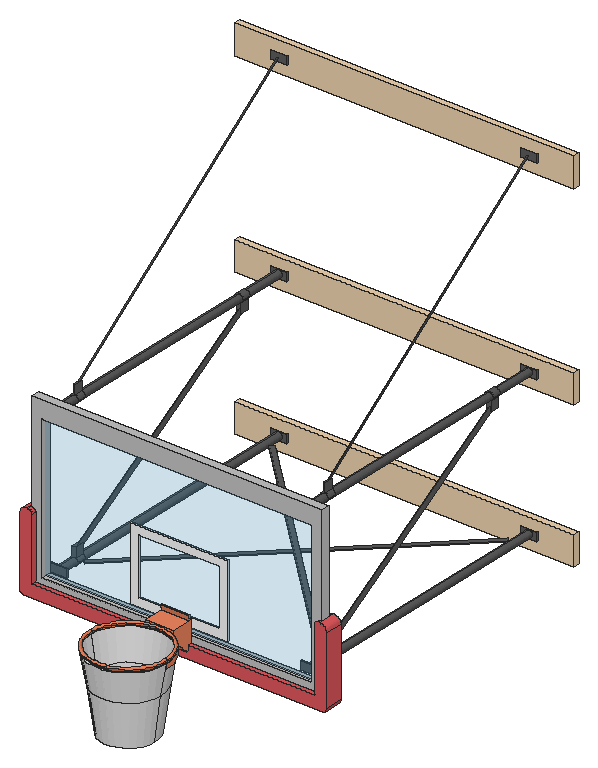
Revit family "Basketball_Backstop-Wall_Mount-Stationary-IPIbyBison-IP10WB", category Specialty Equipment, Revit 2023
Family settings
  Round Connector Dimension = Use Diameter
  Part Type = Normal
  OmniClass Number = 23.40.50.34.14
  OmniClass Title = Gymnasium Equipment
  Work Plane-Based = Yes
  Enable Cutting in Views = No
  Always vertical = No
  Cut with Voids When Loaded = No
  Maintain Annotation Orientation = No
  Shared = No
  Room Calculation Point = No
Parameters (values of type "Wall Mounted Stationary")
  wall distance text = "1 to 10 ft from Wall"
  cablecontrol [instance] = 0' - 8"  # constant formula
  Wall Plate Material = Wood - IPI by Bison
  Unit Width = 7' - 0"
  Unit Height [instance] = Stringer Height_First + 0' 2"  # 10' - 0"
  Unit Depth = 2' - 8"
  URL = "https://ipibybison.com/"
  Stringer Wood [instance] = Wood - IPI by Bison
  Stringer Height_Third [instance] = 4' - 0"
  Stringer Height_Second [instance] = 3' - 0"
  Stringer Height_First [instance] = 9' - 10"
  Specification = "https://www.arcat.com/company/ipi-by-bison-38554/spec"
  Rim Color [instance] = Plastic - IPI by Bison - Orange OR
  Range of Wall Distance [instance] = wall distance text  # "1 to 10 ft from Wall"
  Product Page URL = "https://www.arcat.com/arcatcos/cos38/arc38554.html"
  Net Color [instance] = Finish - IPI by Bison - White Netting
  Model = "IP10WB"
  Manufacturer = "IPI by Bison"
  Keynote = "11 66 00"
  Glass [instance] = Glass - IPI by Bison
  Frame Finish [instance] = Finish - IPI by Bison - Black
  ExtReinforce [instance] = Backboard Distance from Wall > 2' 0"  # yes
  Description = "Basketball Frame and Backboard, Wall Mount"
  Default Elevation = 0' - 0"
  Copyright = "© 2023 ARCAT"  # constant formula
  CAD Details = "https://www.arcat.com/company/ipi-by-bison-38554/cad"
  Backboard Square Color [instance] = Finish - IPI by Bison - White
  Backboard Padding Color [instance] = Plastic - IPI by Bison - Scarlet SC
  Backboard Distance from Wall [instance] = 6' - 0"
  Backboard Color [instance] = Finish - IPI by Bison - Satin Aluminum
  Assembly Code = ""
Reference planes (in)
  plane 1 "Center (Front/Back)": y = 0
  plane 2 "Bottom": z = 0
  plane 3 "Center (Left/Right)": x = 0
  plane 4 "Left": x = -42
  plane 5 "Right": x = 42
  plane 6 "Top": z = 120
  plane 7: y = -72
  plane 8: y = -59.5813
  plane 9: z = 118
  plane 10: z = 154
  plane 11: z = 202
  plane 12: x = -31.00488
  plane 13: x = 31.00488
  plane 14: y = -69.5
  plane 15: y = -64
  plane 16: y = -6
Forms (in)
  Extrusion 1, solid, material "Wood - IPI by Bison" <- "Stringer Wood"
    sketch origin (0, 0, 0) x (0, 1, 0) y (0, 0, 1)
      loop
        line (0, 198.375) -> (0, 205.625) -> (-1.5, 205.625) -> (-1.5, 198.375) -> (0, 198.375)
      loop
        line (0, 150.375) -> (0, 157.625) -> (-1.5, 157.625) -> (-1.5, 150.375) -> (0, 150.375)
      loop
        line (0, 114.375) -> (0, 121.625) -> (-1.5, 121.625) -> (-1.5, 114.375) -> (0, 114.375)
    from -42 to 42
  Extrusion 2, solid, material "Finish - IPI by Bison - Black" <- "Frame Finish"
    sketch origin (-31.00488, -180, 220.71867) x (0, 0, 1) y (0, -1, 0)
      loop
        line (-67.71867, -110.25) -> (-67.71867, -110.5) -> (-65.71867, -110.5) -> (-65.71867, -110.25) -> (-67.71867, -110.25)
      loop
        line (-101.71867, -110.25) -> (-103.71867, -110.25) -> (-103.71867, -110.5) -> (-101.71867, -110.5) -> (-101.71867, -110.25)
      loop
        line (-67.71867, -178.5) -> (-65.71867, -178.5) -> (-65.71867, -178.25) -> (-67.71867, -178.25) -> (-67.71867, -178.5)
      loop
        line (-103.71867, -178.5) -> (-101.71867, -178.5) -> (-101.71867, -178.25) -> (-103.71867, -178.25) -> (-103.71867, -178.5)
      loop
        line (-19.71867, -178.5) -> (-17.71867, -178.5) -> (-17.71867, -178.25) -> (-19.71867, -178.25) -> (-19.71867, -178.5)
    from 2 to -2
  Extrusion 3, solid, material "Finish - IPI by Bison - Black" <- "Frame Finish"
    sketch origin (31.00488, -180, 220.71867) x (0, 0, 1) y (0, -1, 0)
      loop
        line (-65.71867, -110.25) -> (-67.71867, -110.25) -> (-67.71867, -110.5) -> (-65.71867, -110.5) -> (-65.71867, -110.25)
      loop
        line (-103.71867, -110.25) -> (-103.71867, -110.5) -> (-101.71867, -110.5) -> (-101.71867, -110.25) -> (-103.71867, -110.25)
      loop
        line (-103.71867, -178.25) -> (-103.71867, -178.5) -> (-101.71867, -178.5) -> (-101.71867, -178.25) -> (-103.71867, -178.25)
      loop
        line (-67.71867, -178.25) -> (-67.71867, -178.5) -> (-65.71867, -178.5) -> (-65.71867, -178.25) -> (-67.71867, -178.25)
      loop
        line (-19.71867, -178.25) -> (-19.71867, -178.5) -> (-17.71867, -178.5) -> (-17.71867, -178.25) -> (-19.71867, -178.25)
    from 2 to -2
  Extrusion 4, solid, material "Finish - IPI by Bison - Black" <- "Frame Finish"
    sketch origin (31.00488, -1.75, 153) x (0, 0, 1) y (-1, 0, 0)
      loop
        circle (1, 62.00977) r 0.875
      loop
        circle (-35, 62.00977) r 0.875
      loop
        circle (1, 0) r 0.875
      loop
        circle (-35, 0) r 0.875
    from 0 to 67.75
  Extrusion 5, solid, material "Finish - IPI by Bison - Black" <- "Frame Finish"
    sketch origin (0, -64, 159.04229) x (0, 0, 1) y (1, 0, 0)
      loop
        line (-4.05404, 30.85203) -> (-1.80404, 30.85203) -> (-1.80404, 31.15773) -> (-4.05404, 31.15773)
        arc (-4.05404, 31.15773) -> (-6.04229, 31.00488) -> (-4.05404, 30.85203) r 1
      loop
        arc (-4.05404, -30.85203) -> (-6.04229, -31.00488) -> (-4.05404, -31.15773) r 1
        line (-4.05404, -31.15773) -> (-1.80404, -31.15773) -> (-1.80404, -30.85203) -> (-4.05404, -30.85203)
    from 1 to -1
  Sweep 6, solid, material "Finish - IPI by Bison - Black" <- "Frame Finish"
    path origin (0, 0, 0) x (0, 1, 0) y (0, 0, 1)
      loop
        line (-64, 156.75) -> (-2.09969, 202)
    profile origin (0, -33.04984, 179.375) x (0, -0.590145, 0.807297) y (1, 0, 0)
      loop
        circle (0, -31.00488) r 0.125
      loop
        circle (0, 31.00488) r 0.125
  Extrusion 7, solid, material "Finish - IPI by Bison - Black" <- "Frame Finish", visible <- "ExtReinforce"
    sketch origin (0, -64, 159.04229) x (0, 0, 1) y (1, 0, 0)
      loop
        arc (-40.23514, -30.41453) -> (-42.04229, -31.00488) -> (-40.23514, -31.59523) r 1
        line (-40.23514, -31.59523) -> (-37.80404, -31.59523) -> (-37.80404, -30.41453) -> (-40.23514, -30.41453)
      loop
        line (-40.23514, 30.41453) -> (-37.80404, 30.41453) -> (-37.80404, 31.59523) -> (-40.23514, 31.59523)
        arc (-40.23514, 31.59523) -> (-42.04229, 31.00488) -> (-40.23514, 30.41453) r 1
    from 1 to -1
  Extrusion 8, solid, material "Finish - IPI by Bison - Black" <- "Frame Finish", visible <- "ExtReinforce"
    sketch origin (0, 0, 0) x (1, 0, 0) y (0, 0, 1)
      loop
        line (30.41453, 153.19285) -> (30.41453, 150.76175) -> (31.59523, 150.76175) -> (31.59523, 153.19285)
        arc (31.59523, 153.19285) -> (31.00488, 155) -> (30.41453, 153.19285) r 1
      loop
        arc (-30.41453, 153.19285) -> (-31.00488, 155) -> (-31.59523, 153.19285) r 1
        line (-31.59523, 153.19285) -> (-31.59523, 150.76175) -> (-30.41453, 150.76175) -> (-30.41453, 153.19285)
    from 14 to 12
  Sweep 9, solid, material "Finish - IPI by Bison - Black" <- "Frame Finish", visible <- "ExtReinforce"
    path origin (0, 0, 0) x (0, 1, 0) y (0, 0, 1)
      loop
        line (-64, 120.25) -> (-13.02507, 151.44784)
    profile origin (0, -38.51254, 135.84892) x (0, -0.522016, 0.852935) y (1, 0, 0)
      loop
        line (-0.625, 31.13152) -> (-0.625, 30.88152) -> (0.625, 30.88152) -> (0.625, 31.13152) -> (-0.625, 31.13152)
      loop
        line (-0.625, -31.13152) -> (0.625, -31.13152) -> (0.625, -30.88152) -> (-0.625, -30.88152) -> (-0.625, -31.13152)
  Sweep 10, solid, material "Finish - IPI by Bison - Black" <- "Frame Finish", visible <- "ExtReinforce"
    path origin (0, 0, 0) x (1, 0, 0) y (0, 1, 0)
      loop
        line (-29.25488, -6) -> (29.256, -64)
    profile origin (0.00056, -35, 0) x (0.703999, 0.710201, 0) y (0, 0, 1)
      loop
        line (-0.625, 118) -> (0.625, 118) -> (0.625, 118.25) -> (-0.625, 118.25) -> (-0.625, 118)
  Sweep 11, solid, material "Finish - IPI by Bison - Black" <- "Frame Finish", visible <- "ExtReinforce"
    path origin (0, 0, 0) x (-1, 0, 0) y (0, 1, 0)
      loop
        line (-29.25488, -6) -> (29.256, -64)
    profile origin (-0.00056, -35, 0) x (0.703999, -0.710201, 0) y (0, 0, 1)
      loop
        line (-0.65618, 118) -> (-0.65618, 117.75) -> (0.59382, 117.75) -> (0.59382, 118) -> (-0.65618, 118)
Dimensions and locks (in)
  equal spacing: plane 4 "Left", plane 3 "Center (Left/Right)", plane 5 "Right"
  "Unit Width": plane 4 "Left" to plane 5 "Right"
  "Unit Height": plane 6 "Top" to level
  locked: plane 7 to plane 8 at 12.4187
  "Backboard Distance from Wall": plane 7 to plane 1 "Center (Front/Back)"
  "Stringer Height_First": plane 9 to level
  "Stringer Height_Second": plane 10 to plane 9
  "Stringer Height_Third": plane 11 to plane 10
  Extrusion 1 sketch curve to plane 9 to Extrusion 1 sketch curve = 0' - 3 5/8" locked, 0' - 3 5/8" locked
  Extrusion 1 sketch curve to plane 10 to Extrusion 1 sketch curve = 0' - 3 5/8" locked, 0' - 3 5/8" locked
  Extrusion 1 sketch curve to plane 11 to Extrusion 1 sketch curve = 0' - 3 5/8" locked, 0' - 3 5/8" locked
  Extrusion 2 sketch curve to plane 10 to Extrusion 2 sketch curve = 0' - 1" locked, 0' - 1" locked  (x2)
  plane 7 to Extrusion 2 sketch curve to Extrusion 2 sketch curve = 0' - 2 1/4" locked, 0' - 0 1/4" locked  (x2)
  Extrusion 2 sketch curve to plane 9 to Extrusion 2 sketch curve = 0' - 1" locked, 0' - 1" locked  (x2)
  Extrusion 2 sketch curve to plane 11 to Extrusion 2 sketch curve = 0' - 1" locked, 0' - 1" locked
  equal spacing: plane 13, plane 3 "Center (Left/Right)", plane 12
  locked: plane 13 to plane 12 at 62.00977
  locked: Extrusion 3 sketch curve to Extrusion 3 sketch curve at 0.25  (x5)
  Extrusion 3 sketch curve to plane 10 to Extrusion 3 sketch curve = 0' - 1" locked, 0' - 1" locked  (x2)
  Extrusion 3 sketch curve to plane 9 to Extrusion 3 sketch curve = 0' - 1" locked, 0' - 1" locked  (x2)
  locked: plane 7 to Extrusion 3 sketch curve at 2.25  (x2)
  Extrusion 3 sketch curve to plane 11 to Extrusion 3 sketch curve = 0' - 1" locked, 0' - 1" locked
  locked: Extrusion 4 sketch curve to plane 12
  locked: Extrusion 4 sketch curve to plane 10
  locked: plane 12 to Extrusion 4 sketch curve
  locked: plane 9 to Extrusion 4 sketch curve  (x2)
  locked: plane 13 to Extrusion 4 sketch curve
  locked: Extrusion 4 sketch curve to plane 13
  locked: plane 10 to Extrusion 4 sketch curve
  locked: plane 7 to plane 14 at 2.5
  "cablecontrol": plane 7 to plane 15
  Extrusion 5 sketch curve to plane 13 to Extrusion 5 sketch curve to Extrusion 5 sketch curve = 0' - 0.15285" locked, 0' - 0" locked, 0' - 0.15285" locked
  Extrusion 5 sketch curve to plane 12 to Extrusion 5 sketch curve to Extrusion 5 sketch curve = 0' - 0.15285" locked, 0' - 0" locked, 0' - 0.15285" locked
  Extrusion 5 sketch curve to plane 10 to Extrusion 5 sketch curve = 0' - 3.23825" locked, 0' - 0" locked  (x2)
  locked: Sweep 6 sketch curve to plane 1 "Center (Front/Back)" at 2.09969
  locked: plane 11 to Sweep 6 sketch curve at 0
  locked: Sweep 6 sketch curve to plane 10 at 2.75
  locked: plane 15 to Sweep 6 sketch curve
  Extrusion 7 sketch curve to plane 9 to Extrusion 7 sketch curve = 0' - 3.23825" locked, 0' - 0" locked  (x2)
  Extrusion 7 sketch curve to plane 12 to Extrusion 7 sketch curve to Extrusion 7 sketch curve = 0' - 0.59035" locked, 0' - 0" locked, 0' - 0.59035" locked
  Extrusion 7 sketch curve to plane 13 to Extrusion 7 sketch curve to Extrusion 7 sketch curve = 0' - 0.59035" locked, 0' - 0" locked, 0' - 0.59035" locked
  plane 10 to Extrusion 8 sketch curve to Extrusion 8 sketch curve = 0' - 0" locked, 0' - 3.23825" locked  (x2)
  locked: plane 10 to Sweep 9 sketch curve at 2.55216
  locked: Sweep 9 sketch curve to plane 1 "Center (Front/Back)" at 13.02507
  locked: plane 15 to Sweep 9 sketch curve at 0
  locked: Sweep 9 sketch curve to plane 9 at 2.25
  locked: Extrusion 3 sketch curve to plane 1 "Center (Front/Back)" at 1.5
  locked: plane 16 to plane 1 "Center (Front/Back)" at 6
  locked: plane 12 to Sweep 10 sketch curve at 1.75
  locked: Sweep 10 sketch curve to plane 13 at 1.74888
  Sweep 10 sketch curve to plane 9 to Sweep 10 sketch curve = 0' - 0 1/4" locked, 0' - 0" locked
  locked: Sweep 11 sketch curve to plane 13 at 1.75
  locked: plane 12 to Sweep 11 sketch curve at 1.74888
  plane 9 to Sweep 11 sketch curve to Sweep 11 sketch curve = 0' - 0" locked, 0' - 0 1/4" locked
  aligned and locked: nested 1 to plane 8
  aligned and locked: Extrusion 1 to plane 4 "Left"
  aligned and locked: plane 5 "Right" to Extrusion 1
  aligned and locked: plane 14 to Extrusion 4
  aligned and locked: plane 16 to Sweep 10 sketch curve
  aligned and locked: plane 15 to Sweep 10 sketch curve
  aligned and locked: plane 16 to Sweep 11 sketch curve
  aligned and locked: plane 15 to Sweep 11 sketch curve
Automatic sketch dimensions
  plane 10 to Extrusion 5 sketch curve = 0' - 0.98825"  (x2)
  Sweep 6 sketch curve to profile plane = 0' - 0"  (x2)
  Sweep 6 sketch curve to plane 3 "Center (Left/Right)" = 2' - 7.00488"
  plane 3 "Center (Left/Right)" to Sweep 6 sketch curve = 2' - 7.00488"
  plane 9 to Extrusion 7 sketch curve = 0' - 0.80715"  (x2)
  Extrusion 8 sketch curve to plane 12 = 0' - 0"
  Extrusion 8 sketch curve to plane 13 = 0' - 0"
  Extrusion 8 sketch curve to plane 12 = 0' - 0.59035"
  plane 12 to Extrusion 8 sketch curve = 0' - 0.59035"
  Extrusion 8 sketch curve to plane 13 = 0' - 0.59035"
  plane 13 to Extrusion 8 sketch curve = 0' - 0.59035"
  Extrusion 8 sketch curve to plane 10 = 0' - 0.80715"  (x2)
  profile plane to Sweep 9 sketch curve = 0' - 0 5/8"  (x2)
  Sweep 9 sketch curve to profile plane = 0' - 0 5/8"  (x2)
  Sweep 9 sketch curve to plane 3 "Center (Left/Right)" = 2' - 7.13152"
  Sweep 9 sketch curve to Sweep 9 sketch curve = 0' - 0 1/4"  (x2)
  plane 3 "Center (Left/Right)" to Sweep 9 sketch curve = 2' - 6.88152"
  profile plane to Sweep 10 sketch curve = 0' - 0 5/8"
  Sweep 10 sketch curve to profile plane = 0' - 0 5/8"
  Sweep 11 sketch curve to Sweep 11 sketch curve = 0' - 1 1/4"
  profile plane to Sweep 11 sketch curve = 0' - 0.65618"
  Extrusion 1 sketch curve to plane 1 "Center (Front/Back)" = 0' - 0"  (x3)
  plane 1 "Center (Front/Back)" to Extrusion 1 sketch curve = 0' - 1 1/2"  (x3)
  plane 1 "Center (Front/Back)" to Extrusion 2 sketch curve = 0' - 1 3/4"  (x3)
  Extrusion 2 sketch curve to Extrusion 2 sketch curve = 0' - 0 1/4"  (x3)
  plane 1 "Center (Front/Back)" to Extrusion 3 sketch curve = 0' - 1 1/2"  (x2)
  radius of Sweep 6 sketch curve = 0' - 0 1/8"  (x2)
  radius of Extrusion 4 sketch curve = 0' - 0 7/8"  (x4)
Nested families (in)
  nested 1: "Backboard_BA42XLGlass" at (0, -59.5813, 120) x (-1, 0, 0) z (0, 0, 1), backboard color <- "Backboard Color", backboard square color <- "Backboard Square Color", glass <- "Glass", rim finish <- "Rim Color", net color <- "Net Color", height offset <- "Unit Height", padding color <- "Backboard Padding Color", type "Backboard_BA42XLGlass"
    with rim finish Plastic - IPI by Bison - Orange OR, padding color Plastic - IPI by Bison - Scarlet SC, net color Finish - IPI by Bison - White Netting, height offset 10' - 0", glass Glass - IPI by Bison, frame finish none, backboard square color Finish - IPI by Bison - White, backboard color Finish - IPI by Bison - Satin Aluminum
Definition of nested family "Backboard_BA42XLGlass"
  Parameters (values of type "Backboard_BA42XLGlass")
    padding color [instance] = none
    net color [instance] = none
    rim finish [instance] = none
    height offset [instance] = 9' - 6"
    glass [instance] = none
    frame finish [instance] = none
    backboard square color [instance] = none
    backboard color [instance] = none
    Default Elevation = 4' - 0"
  Reference planes (in)
    plane 1 "Center (Front/Back)": y = 0
    plane 2: z = 0
    plane 3 "Center (Left/Right)": x = 0
    plane 4: z = -114
  Forms (in)
    Extrusion 1, solid, material <- "backboard color"
      sketch origin (-8.43545, 11.2937, 28.94441) x (1, 0, 0) y (0, 0, 1)
        loop
          line (-27.56455, 6.99989) -> (-27.56455, -35.00011) -> (44.43545, -35.00011) -> (44.43545, 6.99989) -> (-27.56455, 6.99989)
        loop
          line (41.81045, 2.74989) -> (-24.93955, 2.74989) -> (-24.93955, -32.37511) -> (41.81045, -32.37511) -> (41.81045, 2.74989)
      from 1.125 to -1.125
    Extrusion 2, solid, material <- "padding color"
      sketch origin (-8.43545, 11.2937, 29.06941) x (1, 0, 0) y (0, 0, 1)
        loop
          line (-27.55038, -17.62511) -> (-27.80038, -17.62511)
          arc (-27.80038, -17.62511) -> (-29.03781, -18.13767) -> (-29.55038, -19.37511) r 1.75
          line (-29.55038, -19.37511) -> (-29.55038, -36.12511)
          arc (-29.55038, -36.12511) -> (-29.25748, -36.83222) -> (-28.55038, -37.12511) r 1
          line (-28.55038, -37.12511) -> (45.44962, -37.12511)
          arc (45.44962, -37.12511) -> (46.15673, -36.83222) -> (46.44962, -36.12511) r 1
          line (46.44962, -36.12511) -> (46.44962, -19.37511)
          arc (46.44962, -19.37511) -> (45.93706, -18.13767) -> (44.69962, -17.62511) r 1.75
          line (44.69962, -17.62511) -> (44.42127, -17.62511)
          arc (44.42127, -17.62511) -> (43.71416, -17.918) -> (43.42127, -18.62511) r 1
          line (43.42127, -18.62511) -> (43.42127, -33.98376) -> (-26.55038, -33.98376) -> (-26.55038, -18.62511)
          arc (-26.55038, -18.62511) -> (-26.84327, -17.918) -> (-27.55038, -17.62511) r 1
      from -2.18697 to 2.14819
    Revolve 3, solid, material <- "net color"
      sketch origin (-8.43545, 27.4812, 28.93687) x (1, 0, 0) y (0, 0, 1)
        loop
          circle (-0.85808, -29.24642) r 0.3125
        loop
          line (-1.03195, -29.9762) -> (0.27041, -37.36226) -> (1.80132, -48.25521) -> (2.05377, -48.25521) -> (0.51737, -37.32314) -> (-0.77809, -29.9762) -> (-1.03195, -29.9762)
        axis (8.43545, -48.25521) -> (8.43545, -29.24642)
      angle from 0 to 360
    Revolve 4, solid, material <- "rim finish"
      sketch origin (0.02792, 11.2937, 0) x (0, 1, 0) y (0, 0, 1)
        loop
          line (6.79001, -0.625) -> (6.54001, -0.625) -> (6.54001, -2.125) -> (6.79001, -2.125) -> (6.79001, -0.625)
        axis (16.04001, -2.125) -> (16.04001, -0.625)
      angle from -90 to 90
    Extrusion 5, solid, material <- "rim finish"
      sketch origin (0, 0, 0) x (0, 1, 0) y (0, 0, 1)
        loop
          line (17.69724, 0) -> (12.8212, 0) -> (13.12361, 1.21287) -> (12.79369, 1.29513) -> (12.47078, 0) -> (12.47078, -6.5) -> (13.63137, -6.5) -> (17.69724, -2.43414) -> (17.69724, 0)
      from -3.50075 to 3.49925
    Extrusion 6, solid, material <- "backboard square color"
      sketch origin (0.02792, 11.2937, 0) x (1, 0, 0) y (0, 0, 1)
        loop
          line (-12.02792, 16.0023) -> (-12.02792, -1.9977) -> (11.97208, -1.9977) -> (11.97208, 16.0023) -> (-12.02792, 16.0023)
        loop
          line (-10.02792, 14.0023) -> (-10.02792, 0) -> (9.97208, 0) -> (9.97208, 14.0023) -> (-10.02792, 14.0023)
      from -0.44333 to 0.05679
    Extrusion 7, solid, material <- "glass"
      sketch origin (0.02792, 11.2937, 0) x (1, 0, 0) y (0, 0, 1)
        loop
          line (-33.40292, 31.6943) -> (-33.40292, -3.4307) -> (33.34708, -3.4307) -> (33.34708, 31.6943) -> (-33.40292, 31.6943)
      from -0.405 to 0
  Lines and regions (in)
    model lines
      curve 1: line (-0.00075, 0, 0) -> (-0.00075, 0, -114)
  Dimensions and locks (in)
    "height offset": level to plane 4
    aligned and locked: plane 2 to level
    aligned and locked: plane 4 to curve 1
  Automatic sketch dimensions
    curve 1 to level = 0' - 0"
    curve 1 to plane 3 "Center (Left/Right)" = 0' - 0.00075"
    Extrusion 1 sketch curve to plane 3 "Center (Left/Right)" = 3' - 0"
    Extrusion 1 sketch curve to Extrusion 1 sketch curve = 0' - 2 5/8"  (x2)
    plane 3 "Center (Left/Right)" to Extrusion 1 sketch curve = 2' - 9 3/8"
    Extrusion 1 sketch curve to level = 0' - 6.0557"
    Extrusion 1 sketch curve to level = 0' - 3.4307"
    level to Extrusion 1 sketch curve = 2' - 7.6943"
    Extrusion 1 sketch curve to Extrusion 1 sketch curve = 0' - 4 1/4"
    level to Extrusion 2 sketch curve = 0' - 9.6943"
    Extrusion 2 sketch curve to plane 3 "Center (Left/Right)" = 3' - 1.98582"
    Extrusion 2 sketch curve to Extrusion 2 sketch curve = 0' - 1"  (x4)
    Extrusion 2 sketch curve to Extrusion 2 sketch curve = 0' - 1 3/4"
    Extrusion 2 sketch curve to Extrusion 2 sketch curve = 0' - 0 1/4"
    level to Extrusion 2 sketch curve = 0' - 10.4443"
    plane 3 "Center (Left/Right)" to Extrusion 2 sketch curve = 2' - 10.98582"
    Extrusion 2 sketch curve to Extrusion 2 sketch curve = 0' - 0.27835"
    Extrusion 2 sketch curve to Extrusion 2 sketch curve = 0' - 2.02835"
    Extrusion 2 sketch curve to level = 0' - 4.91435"
    Extrusion 2 sketch curve to Extrusion 2 sketch curve = 0' - 2.14135"
    Revolve 3 sketch curve to plane 3 "Center (Left/Right)" = 0' - 0"
    Revolve 3 sketch curve to plane 3 "Center (Left/Right)" = 0' - 6.38167"
    Revolve 3 sketch curve to Revolve 3 sketch curve = 0' - 0.25246"
    Revolve 3 sketch curve to plane 3 "Center (Left/Right)" = 0' - 7.91808"
    Revolve 3 sketch curve to Revolve 3 sketch curve = 0' - 0.24696"
    Revolve 3 sketch curve to level = 0' - 1.03933"
    Revolve 3 sketch curve to Revolve 3 sketch curve = 0' - 1.0485"
    Revolve 3 sketch curve to level = 0' - 0.30954"
    Revolve 3 sketch curve to Revolve 3 sketch curve = 0' - 0.07999"
    Revolve 3 sketch curve to Revolve 3 sketch curve = 0' - 0.25386"
    Revolve 3 sketch curve to Revolve 3 sketch curve = 0' - 7.34694"
    Revolve 3 sketch curve to Revolve 3 sketch curve = 0' - 0.03911"
    Revolve 3 sketch curve to Revolve 3 sketch curve = 0' - 10.89295"
    Revolve 3 sketch curve to level = 0' - 0.00754"
    level to Revolve 3 sketch curve = 0' - 2.99246"
    Revolve 4 sketch curve to level = 0' - 2 1/8"
    Revolve 4 sketch curve to plane 1 "Center (Front/Back)" = 1' - 5.83371"
    Revolve 4 sketch curve to Revolve 4 sketch curve = 0' - 0 1/4"
    Revolve 4 sketch curve to level = 0' - 0 5/8"  (x2)
    Revolve 4 sketch curve to Revolve 4 sketch curve = 0' - 9 1/4"
    level to Revolve 4 sketch curve = 0' - 3 1/8"
    Extrusion 5 sketch curve to level = 0' - 0"  (x2)
    Extrusion 5 sketch curve to plane 1 "Center (Front/Back)" = 1' - 0.47078"
    level to Extrusion 5 sketch curve = 0' - 1.29513"
    Extrusion 5 sketch curve to Extrusion 5 sketch curve = 0' - 0.32291"
    Extrusion 5 sketch curve to Extrusion 5 sketch curve = 0' - 0.35043"
    Extrusion 5 sketch curve to Extrusion 5 sketch curve = 0' - 1.16059"
    Extrusion 5 sketch curve to Extrusion 5 sketch curve = 0' - 4.57363"
    Extrusion 5 sketch curve to Extrusion 5 sketch curve = 0' - 2.43414"
    Extrusion 5 sketch curve to Extrusion 5 sketch curve = 0' - 6 1/2"
    Extrusion 6 sketch curve to level = 0' - 0"
    Extrusion 6 sketch curve to level = 0' - 1.9977"
    Extrusion 6 sketch curve to plane 3 "Center (Left/Right)" = 1' - 0"
    Extrusion 6 sketch curve to Extrusion 6 sketch curve = 0' - 2"  (x3)
    plane 3 "Center (Left/Right)" to Extrusion 6 sketch curve = 0' - 10"
    Extrusion 6 sketch curve to Extrusion 6 sketch curve = 1' - 2.0023"
    Extrusion 7 sketch curve to plane 3 "Center (Left/Right)" = 2' - 9 3/8"
    Extrusion 7 sketch curve to level = 0' - 3.4307"
    plane 3 "Center (Left/Right)" to Extrusion 7 sketch curve = 2' - 9 3/8"
    level to Extrusion 7 sketch curve = 2' - 7.6943"
    radius of Revolve 3 sketch curve = 0' - 0 5/16"
